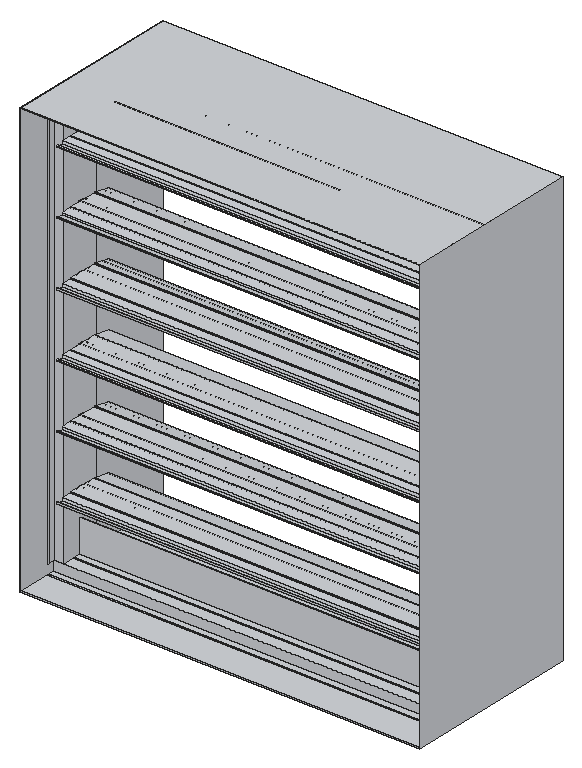
Revit family "FD-160-AF, FDD-160-AF", category Mechanical Equipment, Revit 2015
Parameters
  URL = "http://unitedenertech.com/catalog/pdf/A-29%20%20(FD-160-AF%20(-OW)%20(-CR).pdf"
  Type Comments = "Max. Sizes are (1.5 Hour Vertical 108\"w x 96\"h), (1.5 Hour Horizontal 36\"w x 48\"h), (3 Hour Vertical 72\"w x 48\"h), (3 Hour Horizontal 36\"w x 48\"h)"
  Model = "FD-160-AF, FDD-160-AF"
  Manufacturer = "United Enertech Corporation"
  Keynote = "FSLF-120 Actuator Shown In the Air Stream, Consult Factory for Out of the Air Stream Placement in Models. See Website for Correct Actuator for Damper Size."
  Exact Width = 3' - 0"
  Exact Height = 3' - 3"
  Description = "Multi-Blade Fire Damper, Airfoil Blades"
  Depth = 1' - 4"
  Blade Spacing = 0' - 5 3/4"
  Blade Number [instance] = rounddown((Exact Height - 0' 3") / Blade Spacing)  # 6
  BW [instance] = Exact Width - 0' 2 1/2"  # 2' - 9 1/2"
Reference planes (in)
  plane 1 "Center (Front/Back)": y = 0
  plane 2: z = 0
  plane 3 "Center (Left/Right)": x = 0
  plane 4: z = 39
  plane 5: x = -18
  plane 6: x = 18
  plane 7: z = 0.0359
  plane 8: z = 38.9641
  plane 9: x = -17.9641
  plane 10: x = 17.9641
  plane 11: y = 13
  plane 12: y = -3
  plane 13: y = 5
  plane 14: z = 0.9348
  plane 15: z = 38.0293
  plane 16: x = -17.0293
  plane 17: x = 17.0293
  plane 18: y = 4.3098
  plane 19: z = 37.5
  plane 20: z = 35.24218
  plane 21: z = 35.97045
  plane 22: z = 35.35
Forms (in)
  Extrusion 1, solid
    sketch origin (0, 0, 0) x (1, 0, 0) y (0, 0, 1)
      loop
        line (-17.9641, 38.9641) -> (-17.9641, 0.0359) -> (17.9641, 0.0359) -> (17.9641, 38.9641) -> (-17.9641, 38.9641)
      loop
        line (-18, 39) -> (-18, 0) -> (18, 0) -> (18, 39) -> (-18, 39)
    from -13 to 3
  Extrusion 2, solid
    sketch origin (23.93472, -8.11588, 0) x (1, 0, 0) y (0, 1, 0)
      loop
        line (-41.83902, 8.11588) -> (-41.83902, 8.17568) -> (-41.83902, 8.80608) -> (-40.96402, 8.80608) -> (-40.96402, 12.42568) -> (-41.83902, 12.42568) -> (-41.83902, 13.05608) -> (-41.83902, 13.11588) -> (-41.89882, 13.11588) -> (-41.89882, 12.36588) -> (-41.02382, 12.36588) -> (-41.02382, 8.86588) -> (-41.89882, 8.86588) -> (-41.89882, 8.11588) -> (-41.83902, 8.11588)
    from 0.9348 to 38.0293
  Extrusion 3, solid
    sketch origin (31.96104, -8.11588, 36.89882) x (0, 0, 1) y (0, 1, 0)
      loop
        line (-36.83902, 8.17568) -> (-36.83902, 8.80608) -> (-35.96402, 8.80608) -> (-35.96402, 12.42568) -> (-36.83902, 12.42568) -> (-36.83902, 13.05608) -> (-36.83902, 13.11588) -> (-36.89882, 13.11588) -> (-36.89882, 12.36588) -> (-36.02382, 12.36588) -> (-36.02382, 8.86588) -> (-36.89882, 8.86588) -> (-36.89882, 8.11588) -> (-36.83902, 8.11588) -> (-36.83902, 8.17568)
    from 13.99694 to 49.92514
  Extrusion 4, solid
    sketch origin (26.89178, -38.52709, 32.33205) x (0, -1, 0) y (0, 0, -1)
      loop
        line (-41.02709, -5.19725) -> (-41.02709, -5.69725) -> (-40.27709, -5.69725) -> (-40.27709, -5.61625) -> (-40.94609, -5.61625) -> (-40.94609, -5.19725) -> (-41.02709, -5.19725)
    from -43.92108 to -9.86248
  Extrusion 5, solid
    sketch origin (62.39247, 5.64851, 0.33329) x (0, 1, 0) y (0, 0, 1)
      loop
        line (-3.14851, 3.60151) -> (-3.22663, 3.60151) -> (-3.22663, 0.67964) -> (-3.89851, 0.67964) -> (-3.89851, 0.60151) -> (-3.14851, 0.60151) -> (-3.14851, 3.60151)
    from -79.42177 to -45.36317
  Extrusion 6, solid
    sketch origin (-23.93472, -8.11588, 0) x (-1, 0, 0) y (0, -1, 0)
      loop
        line (-41.83902, -8.11588) -> (-41.89882, -8.11588) -> (-41.89882, -8.86588) -> (-41.02382, -8.86588) -> (-41.02382, -12.36588) -> (-41.89882, -12.36588) -> (-41.89882, -13.11588) -> (-41.83902, -13.11588) -> (-41.83902, -13.05608) -> (-41.83902, -12.42568) -> (-40.96402, -12.42568) -> (-40.96402, -8.80608) -> (-41.83902, -8.80608) -> (-41.83902, -8.17568) -> (-41.83902, -8.11588)
    from 0.9348 to 38.0293
  Extrusion 7, solid
    sketch origin (31.96104, -8.11588, 11.06528) x (0, 0, -1) y (0, -1, 0)
      loop
        line (-27.83902, -8.17568) -> (-27.83902, -8.11588) -> (-27.89882, -8.11588) -> (-27.89882, -8.86588) -> (-27.02382, -8.86588) -> (-27.02382, -12.36588) -> (-27.89882, -12.36588) -> (-27.89882, -13.11588) -> (-27.83902, -13.11588) -> (-27.83902, -13.05608) -> (-27.83902, -12.42568) -> (-26.96402, -12.42568) -> (-26.96402, -8.80608) -> (-27.83902, -8.80608) -> (-27.83902, -8.17568)
    from 13.99694 to 49.92514
  Extrusion 8, solid
    sketch origin (0, 0, 0) x (0, 1, 0) y (0, 0, 1)
      loop
        line (7.9528, 35.24218) -> (7.6668, 35.24218)
        arc (7.6668, 35.24218) -> (7.8098, 34.71875) -> (7.9528, 35.24218) r 0.28125
    from -17.9641 to 17.9641
Dimensions and locks (in)
  "Exact Height": plane 4 to level
  equal spacing: plane 5, plane 3 "Center (Left/Right)", plane 6
  "Exact Width": plane 5 to plane 6
  locked: plane 7 to level at 0.0359
  locked: plane 4 to plane 8 at 0.0359
  locked: plane 5 to plane 9 at 0.0359
  locked: plane 10 to plane 6 at 0.0359
  locked: plane 1 "Center (Front/Back)" to plane 12 at 3
  "Depth": plane 11 to plane 12
  locked: plane 1 "Center (Front/Back)" to plane 13 at 5
  locked: plane 14 to level at 0.9348
  locked: plane 8 to plane 15 at 0.9348
  locked: plane 16 to plane 9 at 0.9348
  locked: plane 10 to plane 17 at 0.9348
  locked: plane 13 to plane 18 at 0.6902
  locked: plane 4 to plane 19 at 1.5
  locked: plane 4 to plane 20 at 3.75782
  locked: plane 4 to plane 21 at 3.02955
  locked: plane 4 to plane 22 at 3.65
  equal spacing: group 2, group 3, group 4, group 5, group 6, group 7  (x2)
  equal spacing: group 7, group 6, group 5, group 4, group 3, group 2
  "Blade Spacing": nested 6 to nested 5
  aligned and locked: level to plane 2
  aligned and locked: Extrusion 1 sketch curve to plane 4
  aligned and locked: level to Extrusion 1 sketch curve
  aligned and locked: Extrusion 1 sketch curve to plane 5
  aligned and locked: Extrusion 1 sketch curve to plane 6
  aligned and locked: Extrusion 1 sketch curve to plane 8
  aligned and locked: plane 7 to Extrusion 1 sketch curve
  aligned and locked: plane 10 to Extrusion 1 sketch curve
  aligned and locked: plane 9 to Extrusion 1 sketch curve
  aligned and locked: plane 11 to Extrusion 1
  aligned and locked: Extrusion 1 to plane 12
  aligned and locked: Extrusion 2 to plane 9
  aligned and locked: Extrusion 6 to plane 10
  aligned and locked: Extrusion 3 to plane 9
  aligned and locked: Extrusion 3 to plane 10
  aligned and locked: Extrusion 6 to plane 14
  aligned and locked: Extrusion 2 to plane 14
  aligned and locked: plane 8 to Extrusion 7
  aligned and locked: plane 15 to Extrusion 6
  aligned and locked: plane 15 to Extrusion 2
  aligned and locked: Extrusion 7 to plane 9
  aligned and locked: Extrusion 7 to plane 10
  aligned and locked: Extrusion 5 to plane 16
  aligned and locked: plane 17 to Extrusion 5
  aligned and locked: Extrusion 7 to plane 15
  aligned and locked: plane 15 to Extrusion 4
  aligned and locked: Extrusion 4 to plane 16
  aligned and locked: plane 17 to Extrusion 4
  aligned and locked: nested 2 to plane 10
  aligned and locked: plane 9 to nested 3
  aligned and locked: nested 3 to plane 18
  aligned and locked: plane 18 to nested 2
  aligned and locked: Extrusion 8 to plane 10
  aligned and locked: Extrusion 8 to plane 9
  aligned and locked: nested 3 to plane 19
  aligned and locked: plane 19 to nested 2
  aligned and locked: plane 20 to Extrusion 8
  aligned and locked: plane 17 to nested 4
  aligned and locked: plane 21 to nested 4
  aligned and locked: plane 3 "Center (Left/Right)" to nested 5
  aligned and locked: plane 22 to nested 5
Automatic sketch dimensions
  Extrusion 2 sketch curve to plane 9 = 0' - 0"  (x2)
  plane 1 "Center (Front/Back)" to Extrusion 2 sketch curve = 0' - 0"
  plane 13 to Extrusion 2 sketch curve = 0' - 0"
  plane 9 to Extrusion 2 sketch curve = 0' - 0.0598"  (x2)
  Extrusion 2 sketch curve to Extrusion 2 sketch curve = 0' - 0.8152"
  Extrusion 2 sketch curve to Extrusion 2 sketch curve = 0' - 0.0598"  (x4)
  Extrusion 2 sketch curve to plane 1 "Center (Front/Back)" = 0' - 0.0598"
  Extrusion 2 sketch curve to Extrusion 2 sketch curve = 0' - 0.6304"
  Extrusion 2 sketch curve to Extrusion 2 sketch curve = 0' - 0 3/4"
  Extrusion 3 sketch curve to level = 0' - 0"  (x2)
  Extrusion 3 sketch curve to plane 1 "Center (Front/Back)" = 0' - 0"
  Extrusion 3 sketch curve to plane 13 = 0' - 0"
  Extrusion 3 sketch curve to plane 14 = 0' - 0"
  plane 7 to Extrusion 3 sketch curve = 0' - 0.0239"  (x2)
  Extrusion 3 sketch curve to plane 14 = 0' - 0.0598"
  Extrusion 3 sketch curve to plane 1 "Center (Front/Back)" = 0' - 0.0598"
  Extrusion 3 sketch curve to Extrusion 3 sketch curve = 0' - 0.6304"
  Extrusion 3 sketch curve to Extrusion 3 sketch curve = 0' - 0.0598"  (x2)
  plane 13 to Extrusion 3 sketch curve = 0' - 0 3/4"
  plane 13 to Extrusion 3 sketch curve = 0' - 0.0598"
  Extrusion 4 sketch curve to plane 8 = 0' - 1.4348"
  plane 12 to Extrusion 4 sketch curve = 0' - 5 1/2"
  Extrusion 4 sketch curve to Extrusion 4 sketch curve = 0' - 0.081"  (x2)
  Extrusion 4 sketch curve to Extrusion 4 sketch curve = 0' - 0.669"
  Extrusion 4 sketch curve to Extrusion 4 sketch curve = 0' - 0.419"
  Extrusion 5 sketch curve to plane 14 = 0' - 0"
  plane 14 to Extrusion 5 sketch curve = 0' - 0 5/64"
  plane 12 to Extrusion 5 sketch curve = 0' - 4 3/4"
  Extrusion 5 sketch curve to Extrusion 5 sketch curve = 0' - 0 43/64"
  Extrusion 5 sketch curve to Extrusion 5 sketch curve = 0' - 0 5/64"
  Extrusion 5 sketch curve to Extrusion 5 sketch curve = 0' - 2 59/64"
  Extrusion 6 sketch curve to plane 10 = 0' - 0"  (x2)
  plane 1 "Center (Front/Back)" to Extrusion 6 sketch curve = 0' - 0"
  plane 13 to Extrusion 6 sketch curve = 0' - 0"
  Extrusion 6 sketch curve to plane 10 = 0' - 0.0598"  (x2)
  Extrusion 6 sketch curve to Extrusion 6 sketch curve = 0' - 0.8152"
  Extrusion 6 sketch curve to Extrusion 6 sketch curve = 0' - 0.0598"  (x3)
  plane 1 "Center (Front/Back)" to Extrusion 6 sketch curve = 0' - 0.0598"
  Extrusion 6 sketch curve to Extrusion 6 sketch curve = 0' - 0.6304"
  Extrusion 6 sketch curve to plane 13 = 0' - 0 3/4"
  Extrusion 6 sketch curve to plane 13 = 0' - 0.0598"
  Extrusion 7 sketch curve to plane 1 "Center (Front/Back)" = 0' - 0"
  Extrusion 7 sketch curve to plane 13 = 0' - 0"
  plane 13 to Extrusion 7 sketch curve = 0' - 0 3/4"
  Extrusion 7 sketch curve to plane 8 = 0' - 0"
  Extrusion 7 sketch curve to Extrusion 7 sketch curve = 0' - 0"
  Extrusion 7 sketch curve to Extrusion 7 sketch curve = 0' - 0.0598"  (x6)
  Extrusion 7 sketch curve to Extrusion 7 sketch curve = 0' - 0.8152"
  Extrusion 7 sketch curve to plane 1 "Center (Front/Back)" = 0' - 0 3/4"
  Extrusion 7 sketch curve to plane 1 "Center (Front/Back)" = 0' - 0.0598"
  Extrusion 8 sketch curve to plane 13 = 0' - 2.8098"
  Extrusion 8 sketch curve to Extrusion 8 sketch curve = 0' - 0.143"
  Extrusion 8 sketch curve to plane 20 = 0' - 0"
  Extrusion 8 sketch curve to plane 20 = 0' - 0 31/128"
Nested families (in)
  nested 1: "160BL" at (62.39247, -25.11688, 30.67097), type "160BL", not visible
    with Blade Width 2' - 9 1/2"
  nested 2: "Fire Smoke Actuator Bracket" at (18.23913, 4.3098, 36.56141) x (0, 0, 1) z (0, 1, 0), type "Fire Smoke Actuator Bracket"
  nested 3: "Fire Smoke Actuator Bracket" at (-18.23913, 4.3098, 36.56141) x (0, 0, 1) z (0, 1, 0), type "Fire Smoke Actuator Bracket"
  nested 4: "FSLF-120" at (14.8204, 12.99816, 27.76305), type "FSLF-120"
  nested 5: "160BL" at (0, 2.25202, 33.74365), type "160BL"
    with Blade Width 2' - 9 1/2"
  nested 6: "160BL" at (0, 2.25202, 27.99365), type "160BL"
    with Blade Width 2' - 9 1/2"
  nested 7: "160BL" at (0, 2.25202, 22.24365), type "160BL"
    with Blade Width 2' - 9 1/2"
  nested 8: "160BL" at (0, 2.25202, 16.49365), type "160BL"
    with Blade Width 2' - 9 1/2"
  nested 9: "160BL" at (0, 2.25202, 10.74365), type "160BL"
    with Blade Width 2' - 9 1/2"
  nested 10: "160BL" at (0, 2.25202, 4.99365), type "160BL"
    with Blade Width 2' - 9 1/2"
Definition of nested family "160BL"
  Parameters (values of type "160BL")
    Blade Width = 2' - 0"
  Reference planes (in)
    plane 1 "Center (Front/Back)": y = 0
    plane 2: z = 0
    plane 3 "Center (Left/Right)": x = 0
    plane 4: x = -12
    plane 5: x = 12
    plane 6: x = 13
    plane 7: x = 10
    plane 8: x = -10
    plane 9: x = -13
  Forms (in)
    Extrusion 1, solid
      sketch origin (-29.66395, -41.88595, -4.51752) x (0, -1, 0) y (0, 0, -1)
        loop
          line (-42.3214, -5.69562) -> (-42.3214, -6.04405) -> (-41.94647, -6.04405) -> (-41.94647, -5.69562) -> (-42.3214, -5.69562)
      from 39.66395 to 42.66395
    Extrusion 2, solid
      sketch origin (-29.66395, -42.01854, -6.8342) x (0, -1, 0) y (0, 0, -1)
        loop
          line (-43.46599, -7.97904) -> (-43.51899, -7.97904) -> (-43.51899, -8.39235) -> (-42.90411, -8.41377) -> (-42.50696, -8.41377) -> (-42.50696, -8.36074) -> (-42.90411, -8.36074) -> (-43.46599, -8.34116) -> (-43.46599, -7.97904)
      from 17.66395 to 41.66395
    Extrusion 3, solid
      sketch origin (-29.66395, -42.01854, -6.8342) x (0, -1, 0) y (0, 0, -1)
        loop
          line (-43.41296, -8.32667) -> (-43.41296, -8.03022) -> (-42.89933, -8.01224) -> (-42.50696, -8.01224) -> (-42.50696, -8.41377) -> (-42.02598, -8.41377) -> (-42.02598, -8.0123) -> (-41.62883, -8.0123) -> (-41.11996, -8.03003) -> (-41.11996, -8.32648) -> (-41.06699, -8.32648) -> (-41.06699, -7.97904) -> (-41.63442, -7.95927) -> (-42.07906, -7.95927) -> (-42.07906, -8.36074) -> (-42.45398, -8.36074) -> (-42.45398, -7.95927) -> (-42.90119, -7.95927) -> (-43.46596, -7.97904) -> (-43.46596, -8.32667) -> (-43.41296, -8.32667)
      from 17.66395 to 41.66395
    Extrusion 4, solid
      sketch origin (-29.66395, -42.01854, -6.8342) x (0, -1, 0) y (0, 0, -1)
        loop
          line (-42.45398, -7.95927) -> (-42.45398, -8.01224) -> (-42.07906, -8.01224) -> (-42.07906, -7.95927) -> (-42.45398, -7.95927)
      from 17.66395 to 41.66395
    Extrusion 5, solid
      sketch origin (-29.66395, -42.01854, -6.8342) x (0, -1, 0) y (0, 0, -1)
        loop
          line (-41.06705, -7.97904) -> (-41.06705, -8.34116) -> (-41.62893, -8.36074) -> (-42.02598, -8.36074) -> (-42.02598, -8.41377) -> (-41.62893, -8.41377) -> (-41.01405, -8.39235) -> (-41.01405, -7.97904) -> (-41.06705, -7.97904)
      from 17.66395 to 41.66395
    Extrusion 6, solid
      sketch origin (-29.66395, -42.01854, -6.8342) x (0, -1, 0) y (0, 0, -1)
        loop
          line (-45.11444, -8.04212) -> (-45.14143, -8.06102) -> (-45.14143, -8.15472) -> (-43.65311, -8.44766) -> (-43.61881, -8.3631) -> (-43.58593, -8.44056) -> (-40.94517, -8.44056) -> (-40.91325, -8.36156) -> (-40.87962, -8.44109) -> (-40.06454, -8.37558) -> (-40.01199, -8.16476) -> (-39.44168, -8.27557) -> (-39.41851, -8.2524) -> (-40.03184, -8.13323) -> (-40.08641, -8.35172) -> (-40.86, -8.41376) -> (-40.88095, -8.33556) -> (-40.94478, -8.33556) -> (-40.96652, -8.41377) -> (-43.56615, -8.41377) -> (-43.58705, -8.33578) -> (-43.65168, -8.33578) -> (-43.67323, -8.41619) -> (-45.11444, -8.13252) -> (-45.11444, -8.04212)
      from 17.66395 to 41.66395
    Extrusion 7, solid
      sketch origin (-29.66395, 42.51351, 9.53877) x (0, 1, 0) y (0, 0, 1)
        loop
          line (-45.11444, -8.04212) -> (-45.14143, -8.06102) -> (-45.14143, -8.15472) -> (-43.65311, -8.44766) -> (-43.61881, -8.3631) -> (-43.58593, -8.44056) -> (-40.94517, -8.44056) -> (-40.91325, -8.36156) -> (-40.87962, -8.44109) -> (-40.06454, -8.37558) -> (-40.01199, -8.16476) -> (-39.44168, -8.27557) -> (-39.41851, -8.2524) -> (-40.03184, -8.13323) -> (-40.08641, -8.35172) -> (-40.86, -8.41376) -> (-40.88095, -8.33556) -> (-40.94478, -8.33556) -> (-40.96652, -8.41377) -> (-43.56615, -8.41377) -> (-43.58705, -8.33578) -> (-43.65168, -8.33578) -> (-43.67323, -8.41619) -> (-45.11444, -8.13252) -> (-45.11444, -8.04212)
      from 17.66395 to 41.66395
    Extrusion 8, solid
      sketch origin (-63.16395, -41.88595, -4.51752) x (0, -1, 0) y (0, 0, -1)
        loop
          line (-42.3214, -5.69562) -> (-42.3214, -6.04405) -> (-41.94647, -6.04405) -> (-41.94647, -5.69562) -> (-42.3214, -5.69562)
      from 50.16395 to 53.16395
  Dimensions and locks (in)
    equal spacing: plane 4, plane 3 "Center (Left/Right)", plane 5
    "Blade Width": plane 4 to plane 5
    locked: plane 7 to plane 5 at 2
    locked: plane 5 to plane 6 at 1
    locked: plane 4 to plane 8 at 2
    locked: plane 9 to plane 4 at 1
    aligned and locked: level to plane 2
    aligned and locked: plane 5 to Extrusion 6
    aligned and locked: plane 5 to Extrusion 7
    aligned and locked: plane 5 to Extrusion 5
    aligned and locked: plane 5 to Extrusion 3
    aligned and locked: plane 5 to Extrusion 2
    aligned and locked: Extrusion 1 to plane 6
    aligned and locked: plane 5 to Extrusion 4
    aligned and locked: plane 7 to Extrusion 1
    aligned and locked: Extrusion 8 to plane 9
    aligned and locked: Extrusion 8 to plane 8
    aligned and locked: plane 4 to Extrusion 6
    aligned and locked: plane 4 to Extrusion 7
    aligned and locked: plane 4 to Extrusion 2
    aligned and locked: plane 4 to Extrusion 3
    aligned and locked: plane 4 to Extrusion 5
    aligned and locked: plane 4 to Extrusion 4
  Automatic sketch dimensions
    Extrusion 1 sketch curve to plane 1 "Center (Front/Back)" = 0' - 0.43545"
    Extrusion 1 sketch curve to plane 1 "Center (Front/Back)" = 0' - 0.06052"
    level to Extrusion 1 sketch curve = 0' - 1.52654"
    Extrusion 1 sketch curve to Extrusion 1 sketch curve = 0' - 0.34843"
    Extrusion 2 sketch curve to plane 1 "Center (Front/Back)" = 0' - 1.50045"
    Extrusion 2 sketch curve to Extrusion 2 sketch curve = 0' - 0.053"
    Extrusion 2 sketch curve to Extrusion 2 sketch curve = 0' - 0.56188"
    Extrusion 2 sketch curve to Extrusion 2 sketch curve = 0' - 0"
    Extrusion 2 sketch curve to Extrusion 2 sketch curve = 0' - 0.39715"
    level to Extrusion 2 sketch curve = 0' - 1.57957"
    Extrusion 2 sketch curve to Extrusion 2 sketch curve = 0' - 0.02142"
    Extrusion 2 sketch curve to Extrusion 2 sketch curve = 0' - 0.05303"
    Extrusion 2 sketch curve to Extrusion 2 sketch curve = 0' - 0.05119"
    Extrusion 2 sketch curve to Extrusion 2 sketch curve = 0' - 0.36212"
    Extrusion 3 sketch curve to plane 1 "Center (Front/Back)" = 0' - 1.44742"
    Extrusion 3 sketch curve to Extrusion 3 sketch curve = 0' - 0.053"
    Extrusion 3 sketch curve to Extrusion 3 sketch curve = 0' - 0.51177"
    Extrusion 3 sketch curve to Extrusion 3 sketch curve = 0' - 0.00185"
    Extrusion 3 sketch curve to plane 1 "Center (Front/Back)" = 0' - 0.48842"
    Extrusion 3 sketch curve to Extrusion 3 sketch curve = 0' - 0.05297"  (x3)
    Extrusion 3 sketch curve to plane 1 "Center (Front/Back)" = 0' - 0.06052"
    Extrusion 3 sketch curve to plane 1 "Center (Front/Back)" = 0' - 0.00745"
    plane 1 "Center (Front/Back)" to Extrusion 3 sketch curve = 0' - 0.38411"
    Extrusion 3 sketch curve to Extrusion 3 sketch curve = 0' - 0.00559"
    Extrusion 3 sketch curve to Extrusion 3 sketch curve = 0' - 0.50887"
    level to Extrusion 3 sketch curve = 0' - 1.57957"
    Extrusion 3 sketch curve to Extrusion 3 sketch curve = 0' - 0.05303"  (x2)
    Extrusion 3 sketch curve to Extrusion 3 sketch curve = 0' - 0.0871"
    Extrusion 3 sketch curve to Extrusion 3 sketch curve = 0' - 0.08729"
    Extrusion 3 sketch curve to Extrusion 3 sketch curve = 0' - 0.29645"  (x2)
    Extrusion 3 sketch curve to Extrusion 3 sketch curve = 0' - 0.34843"
    Extrusion 3 sketch curve to Extrusion 3 sketch curve = 0' - 0.01798"
    Extrusion 3 sketch curve to Extrusion 3 sketch curve = 0' - 0.05099"
    Extrusion 3 sketch curve to Extrusion 3 sketch curve = 0' - 0.05118"
    Extrusion 4 sketch curve to plane 1 "Center (Front/Back)" = 0' - 0.43545"
    Extrusion 4 sketch curve to plane 1 "Center (Front/Back)" = 0' - 0.06052"
    level to Extrusion 4 sketch curve = 0' - 1.17804"
    Extrusion 4 sketch curve to Extrusion 4 sketch curve = 0' - 0.05297"
    Extrusion 5 sketch curve to plane 1 "Center (Front/Back)" = 0' - 0.00745"
    plane 1 "Center (Front/Back)" to Extrusion 5 sketch curve = 0' - 0.3896"
    Extrusion 5 sketch curve to Extrusion 5 sketch curve = 0' - 0"
    Extrusion 5 sketch curve to Extrusion 5 sketch curve = 0' - 0.56188"
    Extrusion 5 sketch curve to Extrusion 5 sketch curve = 0' - 0.053"
    level to Extrusion 5 sketch curve = 0' - 1.57957"
    Extrusion 5 sketch curve to Extrusion 5 sketch curve = 0' - 0.02142"
    Extrusion 5 sketch curve to Extrusion 5 sketch curve = 0' - 0.05303"
    Extrusion 5 sketch curve to Extrusion 5 sketch curve = 0' - 0.05119"
    Extrusion 5 sketch curve to Extrusion 5 sketch curve = 0' - 0.36212"
    level to Extrusion 6 sketch curve = 0' - 1.32052"
    Extrusion 6 sketch curve to plane 1 "Center (Front/Back)" = 0' - 3.12289"
    level to Extrusion 6 sketch curve = 0' - 1.20792"
    Extrusion 6 sketch curve to Extrusion 6 sketch curve = 0' - 0.02699"
    Extrusion 6 sketch curve to Extrusion 6 sketch curve = 0' - 1.44121"
    Extrusion 6 sketch curve to Extrusion 6 sketch curve = 0' - 0.02012"
    Extrusion 6 sketch curve to Extrusion 6 sketch curve = 0' - 0.02155"
    Extrusion 6 sketch curve to Extrusion 6 sketch curve = 0' - 0.03287"
    Extrusion 6 sketch curve to Extrusion 6 sketch curve = 0' - 0.03176"
    Extrusion 6 sketch curve to Extrusion 6 sketch curve = 0' - 0.06717"
    Extrusion 6 sketch curve to Extrusion 6 sketch curve = 0' - 0.01978"
    plane 1 "Center (Front/Back)" to Extrusion 6 sketch curve = 0' - 1.05202"
    Extrusion 6 sketch curve to Extrusion 6 sketch curve = 0' - 0.02136"
    Extrusion 6 sketch curve to Extrusion 6 sketch curve = 0' - 0.02174"
    Extrusion 6 sketch curve to Extrusion 6 sketch curve = 0' - 0.03153"  (x2)
    Extrusion 6 sketch curve to Extrusion 6 sketch curve = 0' - 0.0323"
    Extrusion 6 sketch curve to Extrusion 6 sketch curve = 0' - 0.06554"
    Extrusion 6 sketch curve to Extrusion 6 sketch curve = 0' - 0.01963"
    Extrusion 6 sketch curve to Extrusion 6 sketch curve = 0' - 0.77359"
    Extrusion 6 sketch curve to Extrusion 6 sketch curve = 0' - 0.02187"
    Extrusion 6 sketch curve to Extrusion 6 sketch curve = 0' - 0.05457"
    Extrusion 6 sketch curve to Extrusion 6 sketch curve = 0' - 0.01985"
    Extrusion 6 sketch curve to Extrusion 6 sketch curve = 0' - 0 73/128"
    Extrusion 6 sketch curve to Extrusion 6 sketch curve = 0' - 0.02317"  (x2)
    level to Extrusion 6 sketch curve = 0' - 1.33056"
    Extrusion 6 sketch curve to Extrusion 6 sketch curve = 0' - 0.08764"
    Extrusion 6 sketch curve to Extrusion 6 sketch curve = 0' - 0.1708"
    level to Extrusion 6 sketch curve = 0' - 1.50158"
    Extrusion 6 sketch curve to Extrusion 6 sketch curve = 0' - 0.18696"
    Extrusion 6 sketch curve to Extrusion 6 sketch curve = 0' - 0.02601"
    Extrusion 6 sketch curve to Extrusion 6 sketch curve = 0' - 0 7/256"  (x2)
    Extrusion 6 sketch curve to Extrusion 6 sketch curve = 0' - 0.02386"
    Extrusion 6 sketch curve to Extrusion 6 sketch curve = 0' - 0.05219"
    Extrusion 6 sketch curve to Extrusion 6 sketch curve = 0' - 0.05067"
    Extrusion 6 sketch curve to Extrusion 6 sketch curve = 0' - 0.05309"
    Extrusion 6 sketch curve to Extrusion 6 sketch curve = 0' - 0.02679"
    Extrusion 6 sketch curve to Extrusion 6 sketch curve = 0' - 0.03147"
    Extrusion 6 sketch curve to Extrusion 6 sketch curve = 0' - 0.0222"
    Extrusion 6 sketch curve to Extrusion 6 sketch curve = 0' - 0.0189"
    plane 1 "Center (Front/Back)" to Extrusion 7 sketch curve = 0' - 2.62792"
    Extrusion 7 sketch curve to Extrusion 7 sketch curve = 0' - 0.02699"
    plane 1 "Center (Front/Back)" to Extrusion 7 sketch curve = 0' - 1.15972"
    Extrusion 7 sketch curve to Extrusion 7 sketch curve = 0' - 0.02012"
    Extrusion 7 sketch curve to Extrusion 7 sketch curve = 0' - 0.02155"
    Extrusion 7 sketch curve to Extrusion 7 sketch curve = 0' - 0.03287"
    Extrusion 7 sketch curve to Extrusion 7 sketch curve = 0' - 0.03176"
    Extrusion 7 sketch curve to Extrusion 7 sketch curve = 0' - 0.06717"
    Extrusion 7 sketch curve to Extrusion 7 sketch curve = 0' - 0.01978"
    Extrusion 7 sketch curve to plane 1 "Center (Front/Back)" = 0' - 1.54699"
    Extrusion 7 sketch curve to Extrusion 7 sketch curve = 0' - 0.02136"
    Extrusion 7 sketch curve to Extrusion 7 sketch curve = 0' - 0.02174"
    Extrusion 7 sketch curve to Extrusion 7 sketch curve = 0' - 0.03153"  (x2)
    Extrusion 7 sketch curve to Extrusion 7 sketch curve = 0' - 0.0323"
    Extrusion 7 sketch curve to Extrusion 7 sketch curve = 0' - 0.06554"
    Extrusion 7 sketch curve to Extrusion 7 sketch curve = 0' - 0.01963"
    level to Extrusion 7 sketch curve = 0' - 1.18705"
    Extrusion 7 sketch curve to Extrusion 7 sketch curve = 0' - 0.77359"
    level to Extrusion 7 sketch curve = 0' - 1.16319"
    Extrusion 7 sketch curve to Extrusion 7 sketch curve = 0' - 0.02187"
    Extrusion 7 sketch curve to Extrusion 7 sketch curve = 0' - 0.05457"
    Extrusion 7 sketch curve to Extrusion 7 sketch curve = 0' - 0.01985"
    level to Extrusion 7 sketch curve = 0' - 1.2632"
    Extrusion 7 sketch curve to Extrusion 7 sketch curve = 0' - 0 73/128"
    level to Extrusion 7 sketch curve = 0' - 1.28637"
    Extrusion 7 sketch curve to Extrusion 7 sketch curve = 0' - 0.02317"
    Extrusion 7 sketch curve to Extrusion 7 sketch curve = 0' - 0.06204"
    level to Extrusion 7 sketch curve = 0' - 1 1/8"
    Extrusion 7 sketch curve to Extrusion 7 sketch curve = 0' - 0.00242"
    Extrusion 7 sketch curve to Extrusion 7 sketch curve = 0' - 0.02679"
    Extrusion 7 sketch curve to Extrusion 7 sketch curve = 0' - 0 7/256"  (x2)
    Extrusion 7 sketch curve to Extrusion 7 sketch curve = 0' - 0.03147"
    Extrusion 7 sketch curve to Extrusion 7 sketch curve = 0' - 0.05067"
    Extrusion 7 sketch curve to Extrusion 7 sketch curve = 0' - 0.05219"
    Extrusion 7 sketch curve to Extrusion 7 sketch curve = 0' - 0.02601"
    Extrusion 7 sketch curve to Extrusion 7 sketch curve = 0' - 0.18696"
    level to Extrusion 7 sketch curve = 0' - 1.38405"
    Extrusion 7 sketch curve to Extrusion 7 sketch curve = 0' - 0.0222"
    Extrusion 7 sketch curve to Extrusion 7 sketch curve = 0' - 0.07151"
    Extrusion 7 sketch curve to Extrusion 7 sketch curve = 0' - 0.0189"
    Extrusion 8 sketch curve to plane 1 "Center (Front/Back)" = 0' - 0.43545"
    Extrusion 8 sketch curve to plane 1 "Center (Front/Back)" = 0' - 0.06052"
    level to Extrusion 8 sketch curve = 0' - 1.52654"
    Extrusion 8 sketch curve to Extrusion 8 sketch curve = 0' - 0.34843"
Definition of nested family "Fire Smoke Actuator Bracket"
  Reference planes (in)
    plane 1 "Center (Front/Back)": y = 0
    plane 2: z = 0
    plane 3 "Center (Left/Right)": x = 0
  Forms (in)
    Extrusion 1, solid
      sketch origin (54.09185, -14.49387, 0) x (1, 0, 0) y (0, 1, 0)
        loop
          line (-53.15326, 14.21883) -> (-53.90326, 14.21883) -> (-53.90326, 14.00399) -> (-57.40326, 14.00399) -> (-57.40326, 14.21883) -> (-58.15326, 14.21883) -> (-58.15326, 14.18293) -> (-57.43842, 14.18293) -> (-57.43842, 13.96883) -> (-53.8681, 13.96883) -> (-53.8681, 14.18293) -> (-53.15326, 14.18293) -> (-53.15326, 14.21883)
      from 0 to 5
    Extrusion 2, void
      sketch origin (0, 0, 0) x (1, 0, 0) y (0, 0, 1)
        loop
          circle (-1.56141, 3.5) r 0.28125
      from 0 to 1.04299
  Cuts and joins
    Extrusion 2 cuts Extrusion 1
  Dimensions and locks (in)
    aligned and locked: level to plane 2
Definition of nested family "FSLF-120"
  Reference planes (in)
    plane 1 "Center (Front/Back)": y = 0
    plane 2: z = 0
    plane 3 "Center (Left/Right)": x = 0
  Forms (in)
    Extrusion 1, solid
      sketch origin (0, 0, 0) x (0, 1, 0) y (0, 0, 1)
        loop
          arc (-3.58331, 2.09938) -> (-3.44059, 2.1585) -> (-3.38147, 2.30122) r 0.20184
          line (-3.38147, 2.30122) -> (-3.38147, 7.89928)
          arc (-3.38147, 7.89928) -> (-3.44059, 8.042) -> (-3.58331, 8.10111) r 0.20184
          line (-3.58331, 8.10111) -> (-6.82752, 8.10111)
          arc (-6.82752, 8.10111) -> (-6.97024, 8.042) -> (-7.02936, 7.89928) r 0.20184
          line (-7.02936, 7.89928) -> (-7.02936, 2.30122)
          arc (-7.02936, 2.30122) -> (-6.97024, 2.1585) -> (-6.82752, 2.09938) r 0.20184
          line (-6.82752, 2.09938) -> (-3.58331, 2.09938)
        loop
          circle (-4.59401, 4.1698) r 0.10344
        loop
          circle (-5.18836, 7.24712) r 0.27109
      from 0 to 2.0647
    Extrusion 2, solid
      sketch origin (0, 0, 0) x (0, 1, 0) y (0, 0, 1)
        loop
          line (-5.07889, 1.84303) -> (-5.07889, 1.35428)
          arc (-5.07889, 1.35428) -> (-4.1161, 1.55637) -> (-3.27519, 2.06694) r 2.91799
          line (-3.27519, 2.06694) -> (-3.27519, 7.89928)
          arc (-3.27519, 7.89928) -> (-3.36543, 8.11715) -> (-3.58331, 8.2074) r 0.30812
          line (-3.58331, 8.2074) -> (-6.82752, 8.2074)
          arc (-6.82752, 8.2074) -> (-7.0454, 8.11715) -> (-7.13564, 7.89928) r 0.30812
          line (-7.13564, 7.89928) -> (-7.13564, 2.09702)
          arc (-7.13564, 2.09702) -> (-6.28174, 1.56481) -> (-5.29782, 1.35428) r 2.91799
          line (-5.29782, 1.35428) -> (-5.29782, 1.84303)
          arc (-5.29782, 1.84303) -> (-5.18836, 1.95249) -> (-5.07889, 1.84303) r 0.10947
        loop
          circle (-4.59401, 4.1698) r 0.28363
        loop
          circle (-5.18836, 7.24712) r 0.27109
      from 0 to -0.1442
    Extrusion 3, solid
      sketch origin (0, 0, 0) x (0, 1, 0) y (0, 0, 1)
        loop
          line (-5.07889, 1.84303) -> (-5.07889, 1.35428)
          arc (-5.07889, 1.35428) -> (-4.1161, 1.55637) -> (-3.27519, 2.06694) r 2.91799
          line (-3.27519, 2.06694) -> (-3.27519, 7.89928)
          arc (-3.27519, 7.89928) -> (-3.36543, 8.11715) -> (-3.58331, 8.2074) r 0.30812
          line (-3.58331, 8.2074) -> (-6.82752, 8.2074)
          arc (-6.82752, 8.2074) -> (-7.0454, 8.11715) -> (-7.13564, 7.89928) r 0.30812
          line (-7.13564, 7.89928) -> (-7.13564, 2.09702)
          arc (-7.13564, 2.09702) -> (-6.28174, 1.56481) -> (-5.29782, 1.35428) r 2.91799
          line (-5.29782, 1.35428) -> (-5.29782, 1.84303)
          arc (-5.29782, 1.84303) -> (-5.18836, 1.95249) -> (-5.07889, 1.84303) r 0.10947
        loop
          circle (-4.59401, 4.1698) r 0.28363
        loop
          circle (-5.18836, 7.24712) r 0.27109
      from 2.2089 to 2.0647
    Revolve 4, solid
      sketch origin (0.70002, 0, 0) x (0, 1, 0) y (0, 0, 1)
        loop
          line (-4.0031, 0.95098) -> (-3.92703, 0.95098) -> (-3.92703, 1.1774) -> (-3.48966, 1.1774) -> (-3.48966, 2.15927) -> (-4.0031, 2.15927) -> (-4.0031, 0.95098)
        axis (-4.0031, 0.95098) -> (-4.0031, 2.15927)
      angle from 0 to 360
    Revolve 5, solid
      sketch origin (0.70002, -10.37672, 0) x (0, -1, 0) y (0, 0, -1)
        loop
          line (-4.0031, -0.95098) -> (-4.0031, -2.15927) -> (-3.48966, -2.15927) -> (-3.48966, -1.1774) -> (-3.92703, -1.1774) -> (-3.92703, -0.95098) -> (-4.0031, -0.95098)
        axis (-4.0031, -0.95098) -> (-4.0031, -2.15927)
      angle from 0 to 360
    Extrusion 6, solid
      sketch origin (0, 0, 0) x (0, 1, 0) y (0, 0, 1)
        loop
          circle (-5.18836, 7.24712) r 0.54048
        loop
          circle (-5.18836, 7.24712) r 0.27109
      from 2.4389 to -0.3742
    Extrusion 7, solid
      sketch origin (0, 0, 0) x (0, 1, 0) y (0, 0, 1)
        loop
          line (-3.91306, 6.71864) -> (-3.7518, 6.90501) -> (-4.82025, 7.82944)
          arc (-4.82025, 7.82944) -> (-4.90724, 7.87836) -> (-5.00644, 7.88936) r 0.25
          line (-5.00644, 7.88936) -> (-5.62705, 7.83298)
          arc (-5.62705, 7.83298) -> (-5.79594, 7.74469) -> (-5.85355, 7.56303) r 0.25
          line (-5.85355, 7.56303) -> (-5.80333, 6.9664)
          arc (-5.80333, 6.9664) -> (-5.77611, 6.8722) -> (-5.71475, 6.79572) r 0.25
          line (-5.71475, 6.79572) -> (-4.62328, 5.88139) -> (-4.46502, 6.07031) -> (-5.47779, 6.9187)
          arc (-5.47779, 6.9187) -> (-5.53914, 6.99518) -> (-5.56637, 7.08938) r 0.25
          line (-5.56637, 7.08938) -> (-5.58744, 7.33975)
          arc (-5.58744, 7.33975) -> (-5.52983, 7.52141) -> (-5.36094, 7.60969) r 0.25
          line (-5.36094, 7.60969) -> (-5.08847, 7.63444)
          arc (-5.08847, 7.63444) -> (-4.98927, 7.62345) -> (-4.90228, 7.57453) r 0.25
          line (-4.90228, 7.57453) -> (-3.91306, 6.71864)
      from -0.45408 to -0.64826
    Extrusion 8, solid
      sketch origin (0, 0, 0) x (0, 1, 0) y (0, 0, 1)
        loop
          line (-4.84561, 5.92964) -> (-3.84342, 7.12404) -> (-3.96137, 7.30719) -> (-4.09731, 7.46769)
          arc (-4.09731, 7.46769) -> (-4.29911, 7.57665) -> (-4.45285, 7.74683) r 0.67563
          arc (-4.45285, 7.74683) -> (-4.52455, 7.65639) -> (-4.6158, 7.58572) r 0.47899
          line (-4.6158, 7.58572) -> (-4.72882, 7.47247)
          arc (-4.72882, 7.47247) -> (-4.85345, 6.98422) -> (-5.32567, 6.80835) r 0.54335
          line (-5.32567, 6.80835) -> (-5.42625, 6.68392)
          arc (-5.42625, 6.68392) -> (-5.48681, 6.58567) -> (-5.56911, 6.50475) r 0.47899
          arc (-5.56911, 6.50475) -> (-5.38353, 6.37) -> (-5.25372, 6.18093) r 0.67563
          line (-5.25372, 6.18093) -> (-5.03529, 5.99894) -> (-4.84561, 5.92964)
      from -0.78829 to -0.7065
    Extrusion 9, solid
      sketch origin (0, 0, 0) x (0, 1, 0) y (0, 0, 1)
        loop
          line (-4.84561, 5.92964) -> (-3.84342, 7.12404) -> (-3.87926, 7.17969) -> (-4.90878, 5.95271) -> (-4.84561, 5.92964)
      from -0.7065 to -0.1442
  Lines and regions (in)
    model lines
      curve 1: arc (0, -4.09731, 7.46769) -> (0, -4.29911, 7.57665) -> (0, -4.45285, 7.74683) r 0.67563
      curve 2: arc (0, -4.45285, 7.74683) -> (0, -4.52455, 7.65639) -> (0, -4.6158, 7.58572) r 0.47899
      curve 3: arc (0, -5.56911, 6.50475) -> (0, -5.38353, 6.37) -> (0, -5.25372, 6.18093) r 0.67563
      curve 4: arc (0, -5.42625, 6.68392) -> (0, -5.48681, 6.58567) -> (0, -5.56911, 6.50475) r 0.47899
      curve 5: arc (0, -4.72882, 7.47247) -> (0, -4.85345, 6.98422) -> (0, -5.32567, 6.80835) r 0.54335
      curve 6: arc (0, -5.08847, 7.63444) -> (0, -4.98927, 7.62345) -> (0, -4.90228, 7.57453) r 0.25
      curve 7: arc (0, -5.00644, 7.88936) -> (0, -4.90724, 7.87836) -> (0, -4.82025, 7.82944) r 0.25
      curve 8: arc (0, -5.47779, 6.9187) -> (0, -5.53914, 6.99518) -> (0, -5.56637, 7.08938) r 0.25
      curve 9: arc (0, -5.58744, 7.33975) -> (0, -5.52983, 7.52141) -> (0, -5.36094, 7.60969) r 0.25
      curve 10: line (0, -4.72882, 7.47247) -> (0, -4.6158, 7.58572)
      curve 11: line (0, -5.25372, 6.18093) -> (0, -5.03529, 5.99894)
      curve 12: line (0, -5.03529, 5.99894) -> (0, -3.96137, 7.30719)
      curve 13: line (0, -3.96137, 7.30719) -> (0, -4.09731, 7.46769)
      curve 14: line (0, -5.16521, 6.11335) -> (0, -4.05485, 7.41756)
      curve 15: line (0, -4.98938, 6.05486) -> (0, -4.84561, 5.92964)
      curve 16: line (0, -4.84561, 5.92964) -> (0, -3.84342, 7.12404)
      curve 17: line (0, -3.84342, 7.12404) -> (0, -3.9942, 7.26719)
      curve 18: line (0, -5.47779, 6.9187) -> (0, -4.46502, 6.07031)
      curve 19: line (0, -4.46502, 6.07031) -> (0, -4.62328, 5.88139)
      curve 20: line (0, -4.62328, 5.88139) -> (0, -5.71475, 6.79572)
      curve 21: line (0, -5.32567, 6.80835) -> (0, -5.42625, 6.68392)
      curve 22: line (0, -4.90228, 7.57453) -> (0, -3.91306, 6.71864)
      curve 23: line (0, -3.91306, 6.71864) -> (0, -3.7518, 6.90501)
      curve 24: line (0, -3.7518, 6.90501) -> (0, -4.82025, 7.82944)
      curve 25: line (0, -5.08847, 7.63444) -> (0, -5.36094, 7.60969)
      curve 26: line (0, -5.00644, 7.88936) -> (0, -5.62705, 7.83298)
      curve 27: line (0, -5.56637, 7.08938) -> (0, -5.58744, 7.33975)
      curve 28: line (0, -5.80333, 6.9664) -> (0, -5.85355, 7.56303)
      curve 29: arc (0, -5.71475, 6.79572) -> (0, -5.77611, 6.8722) -> (0, -5.80333, 6.9664) r 0.25
      curve 30: arc (0, -5.85355, 7.56303) -> (0, -5.79594, 7.74469) -> (0, -5.62705, 7.83298) r 0.25
      curve 31: circle (0, -4.59401, 4.1698) r 0.10344 normal (-1, 0, 0)
      curve 32: arc (0, -7.02936, 7.89928) -> (0, -6.97024, 8.042) -> (0, -6.82752, 8.10111) r 0.20184
      curve 33: arc (0, -3.58331, 8.10111) -> (0, -3.44059, 8.042) -> (0, -3.38147, 7.89928) r 0.20184
      curve 34: circle (0, -5.18836, 7.24712) r 0.27109 normal (-1, 0, 0)
      curve 35: circle (0, -5.18836, 7.24712) r 0.54048 normal (-1, 0, 0)
      curve 36: line (0, -6.82752, 8.10111) -> (0, -3.58331, 8.10111)
      curve 37: line (0, -7.02936, 7.89928) -> (0, -7.02936, 2.30122)
      curve 38: line (0, -3.38147, 2.30122) -> (0, -3.38147, 7.89928)
      curve 39: circle (0, -4.59401, 4.1698) r 0.28363 normal (-1, 0, 0)
      curve 40: arc (0, -7.13564, 7.89928) -> (0, -7.0454, 8.11715) -> (0, -6.82752, 8.2074) r 0.30812
      curve 41: arc (0, -3.58331, 8.2074) -> (0, -3.36543, 8.11715) -> (0, -3.27519, 7.89928) r 0.30812
      curve 42: line (0, -7.13564, 2.09702) -> (0, -7.13564, 7.89928)
      curve 43: line (0, -6.82752, 8.2074) -> (0, -3.58331, 8.2074)
      curve 44: line (0, -3.27519, 2.06694) -> (0, -3.27519, 7.89928)
  Dimensions and locks (in)
    aligned and locked: level to plane 2
